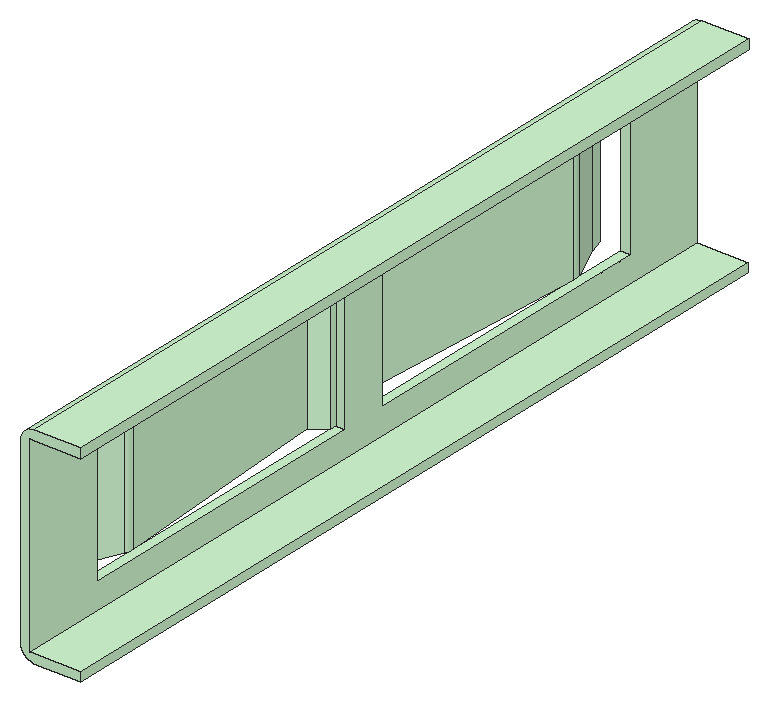
Revit family "channeljoint_c25", category 機械設備, Revit 2022
Family settings
  丸型コネクタ寸法 = 直径を使用
  種別 = なし
  パーツ タイプ = 標準
  作業面ベース = いいえ
  常に垂直 = はい
  ロード時にボイドで切り取り = いいえ
  注釈の向きを維持 = いいえ
  共有 = いいえ
  部屋計算ポイント = いいえ
Parameters
  製造元 = "株式会社桐井製作所"
  既定の高さ = 0 mm
  URL = "https://www.kirii.co.jp/"
  K_品名 = "特殊チャンネルジョイントC-25用"
  K_名称 = "特殊ジョイント"
  K_入数 = "500"
  K_バージョン情報 = "20211012"
Reference planes
  plane 1 "中心(正面/背面)": y = 0
  plane 2: z = 0
  plane 3 "中心(左/右)": x = 0
Forms (mm)
  Extrusion 1, solid
    sketch origin (2.7, 0, 0) x (1, 0, 0) y (0, 0, 1)
      loop
        line (-8.2, -10.375) -> (-8.2, 10.225) -> (-2.7, 10.225) -> (-2.7, 11.225) -> (-7.7, 11.225)
        arc (-7.7, 11.225) -> (-8.761, 10.786) -> (-9.2, 9.725) r 1.5
        line (-9.2, 9.725) -> (-9.2, -9.8)
        arc (-9.2, -9.8) -> (-8.761, -10.861) -> (-7.7, -11.3) r 1.5
        line (-7.7, -11.3) -> (-2.715, -11.3) -> (-2.715, -10.375) -> (-8.2, -10.375)
    from -45 to 45
  Extrusion 2, solid
    sketch origin (-4.171, -10.927, 0) x (1, 0, 0) y (0, 1, 0)
      loop
        line (-3.329, -19.073) -> (-5.129, -23.073) -> (-5.624, -24.797) -> (-4.662, -25.073) -> (-4.187, -23.418) -> (-2.518, -19.708)
        arc (-2.518, -19.708) -> (-2.375, -19.247) -> (-2.346, -18.766) r 2
        line (-2.346, -18.766) -> (-3.888, 6.427) -> (-2.329, 7.831) -> (-2.329, 9.176) -> (-4.198, 7.493)
        arc (-4.198, 7.493) -> (-4.711, 6.764) -> (-4.856, 5.884) r 2
        line (-4.856, 5.884) -> (-3.329, -19.073)
      loop
        arc (-2.347, 40.617) -> (-2.375, 41.099) -> (-2.519, 41.56) r 2
        line (-2.519, 41.56) -> (-4.188, 45.269) -> (-4.663, 46.924) -> (-5.624, 46.649) -> (-5.13, 44.924) -> (-3.33, 40.924) -> (-4.856, 15.969)
        arc (-4.856, 15.969) -> (-4.711, 15.09) -> (-4.198, 14.361) r 2
        line (-4.198, 14.361) -> (-2.329, 12.678) -> (-2.329, 14.023) -> (-3.888, 15.428) -> (-2.347, 40.617)
    from -7.537 to 7.363
  Extrusion 3, void
    sketch origin (2.7, 0, 0) x (0, 1, 0) y (0, 0, 1)
      loop
        line (-2.5, 7.363) -> (-36, 7.363) -> (-36, -7.537) -> (-2.5, -7.537) -> (-2.5, 7.363)
    from -9.2 to -8.2
  Extrusion 4, void
    sketch origin (2.7, 38.5, 0) x (0, 1, 0) y (0, 0, 1)
      loop
        line (-2.5, 7.363) -> (-36, 7.363) -> (-36, -7.537) -> (-2.5, -7.537) -> (-2.5, 7.363)
    from -9.2 to -8.2
  Extrusion 5, solid
    sketch origin (-1.741, -0.307, 0) x (0.061086, 0.998133, 0) y (0, 0, 1)
      loop
        arc (6.75, 2.175) -> (4.5, -0.075) -> (6.75, -2.325) r 2.25
        line (6.75, -2.325) -> (24.25, -2.325)
        arc (24.25, -2.325) -> (26.5, -0.075) -> (24.25, 2.175) r 2.25
        line (24.25, 2.175) -> (6.75, 2.175)
      loop
        arc (6.75, 0.425) -> (6.25, -0.075) -> (6.75, -0.575) r 0.5
        line (6.75, -0.575) -> (24.25, -0.575)
        arc (24.25, -0.575) -> (24.75, -0.075) -> (24.25, 0.425) r 0.5
        line (24.25, 0.425) -> (6.75, 0.425)
    from -7.6 to -8.099
  Extrusion 6, solid
    sketch origin (-1.747, 0.415, 0) x (-0.061086, 0.998133, 0) y (0, 0, 1)
      loop
        arc (-24.25, 2.175) -> (-26.5, -0.075) -> (-24.25, -2.325) r 2.25
        line (-24.25, -2.325) -> (-6.75, -2.325)
        arc (-6.75, -2.325) -> (-4.5, -0.075) -> (-6.75, 2.175) r 2.25
        line (-6.75, 2.175) -> (-24.25, 2.175)
      loop
        arc (-24.25, 0.425) -> (-24.75, -0.075) -> (-24.25, -0.575) r 0.5
        line (-24.25, -0.575) -> (-6.75, -0.575)
        arc (-6.75, -0.575) -> (-6.25, -0.075) -> (-6.75, 0.425) r 0.5
        line (-6.75, 0.425) -> (-24.25, 0.425)
    from -7.6 to -8.1
Cuts and joins
  Extrusion 3, Extrusion 4 cuts Extrusion 1
Dimensions and locks
  aligned and locked: level to plane 2
